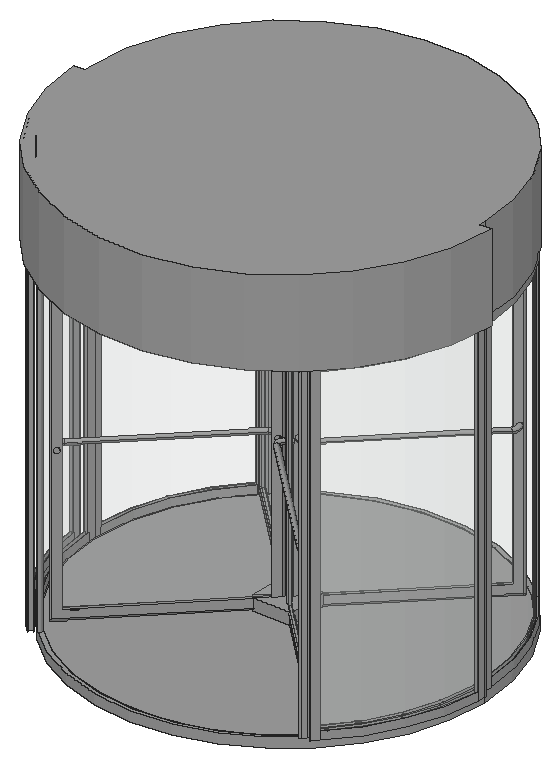
Revit family "agtatec_Record_RlvngDrsetSym_K41_Standalone", category Doors, Revit 2012 (continued)
Definition of nested family "Night Shutter Left"
  Forms (mm)
    Extrusion 5, solid, material "agtatec_Record_Revolving Door, Aluminium" <- "Panel Frames"
      sketch origin (0, 0, 0) x (0, -1, 0) y (1, 0, 0)
        loop
          line (1348.5, 0) -> (1352.5, 0) -> (1352.5, 20) -> (1349.5, 20) -> (1349.5, 3) -> (1321.5, 3) -> (1321.5, 20) -> (1318.5, 20) -> (1318.5, 0) -> (1322.5, 0) -> (1322.5, -53) -> (1325.5, -53) -> (1325.5, -33) -> (1345.5, -33) -> (1345.5, -53) -> (1348.5, -53) -> (1348.5, 0)
      from 10 to 2256
    Extrusion 6, solid, material "agtatec_Record_Revolving Door, Aluminium" <- "Panel Frames"
      sketch origin (0, 0, 0) x (-0.694658, -0.71934, 0) y (0.71934, -0.694658, 0)
        loop
          line (1348.5, 1) -> (1348.5, 53) -> (1345.5, 53) -> (1345.5, 33) -> (1325.5, 33) -> (1325.5, 53) -> (1322.5, 53) -> (1322.5, 1)
          arc (1322.5, 1) -> (1335.5, -12) -> (1348.5, 1) r 13
      from 10 to 2256
    Sweep 7, solid, material "agtatec_Record_Revolving Door, Aluminium" <- "Panel Frames"
      path origin (0, 0, 0) x (1, 0, 0) y (0, 1, 0)
        loop
          arc (-53, -1347.458) -> (-505.157, -1250.307) -> (-897.898, -1006.097) r 1348.5
      profile origin (-505.157, -1250.307, 0) x (-0.374607, -0.927184, 0) y (0, 0, 1)
        loop
          line (0, 10) -> (0, 63) -> (-3, 63) -> (-3, 43) -> (-23, 43) -> (-23, 63) -> (-26, 63) -> (-26, 10) -> (0, 10)
    Sweep 8, solid, material "agtatec_Record_Revolving Door, Aluminium" <- "Panel Frames"
      path origin (-2636.748, -4572, 2256) x (-1, 0, 0) y (0, -1, 0)
        loop
          arc (-2583.748, -3224.542) -> (-2131.591, -3321.693) -> (-1738.85, -3565.903) r 1348.5
      profile origin (-505.157, -1250.307, 2256) x (-0.374607, -0.927184, 0) y (0, 0, 1)
        loop
          line (0, 0) -> (-26, 0) -> (-26, -53) -> (-23, -53) -> (-23, -33) -> (-3, -33) -> (-3, -53) -> (0, -53) -> (0, 0)
    Sweep 9, solid, material "agtatec_Record_Revolving Door, Laminated Safety Glass (Clear)" <- "Night Shutter Panel Fill"
      path origin (0, 0, 0) x (1, 0, 0) y (0, 1, 0)
        loop
          arc (-33, -1348.096) -> (-505.157, -1250.307) -> (-912.728, -992.663) r 1348.5
      profile origin (-505.157, -1250.307, 0) x (-0.374607, -0.927184, 0) y (0, 0, 1)
        loop
          line (-5, 43) -> (-5, 2223) -> (-15, 2223) -> (-15, 43) -> (-5, 43)
  Lines and regions (mm)
    Masking region 1
      outline origin (0, 0, 0) x (1, 0, 0) y (0, 1, 0)
        loop
          line (-880.586, -986.699) -> (-897.898, -1006.097)
          arc (-897.898, -1006.097) -> (-505.157, -1250.307) -> (-53, -1347.458) r 1348.5
          line (-53, -1347.458) -> (-51.978, -1321.478)
          arc (-51.978, -1321.478) -> (-495.417, -1226.201) -> (-880.586, -986.699) r 1322.5
    Masking region 2
      outline origin (0, 0, 0) x (1, 0, 0) y (0, 1, 0)
        loop
          line (-880.561, -988.144) -> (-917.966, -952.022)
          arc (-917.966, -952.022) -> (-936.348, -952.342) -> (-936.027, -970.724) r 13
          line (-936.027, -970.724) -> (-898.622, -1006.847) -> (-880.561, -988.144)
    Masking region 3
      outline origin (0, 0, 0) x (1, 0, 0) y (0, 1, 0)
        loop
          line (-53, -1322.5) -> (-53, -1348.5) -> (0, -1348.5) -> (0, -1352.5) -> (20, -1352.5) -> (20, -1349.5) -> (3, -1349.5) -> (3, -1321.5) -> (20, -1321.5) -> (20, -1318.5) -> (0, -1318.5) -> (0, -1322.5) -> (-53, -1322.5)
    reference lines, not visible
      curve 1: arc (-1564.719, -2003.352, 0) -> (-975.899, -2347.208, 0) -> (-316.86, -2522.174, 0) r 2542
      curve 2: line (0, 0, 0) -> (-1564.719, -2003.352, 0)
      curve 3: line (0, 0, 0) -> (-316.86, -2522.174, 0)
    reference lines
      curve 4: arc (0, -1348.5, 0) -> (-505.157, -1250.307, 0) -> (-936.747, -970.03, 0) r 1348.5
      curve 5: line (0, 0, 0) -> (0, -1348.5, 0)
      curve 6: line (0, 0, 0) -> (-936.747, -970.03, 0)
    symbolic lines, detail levels medium+fine
      curve 7: line (-898.622, -1006.847, 0) -> (-880.561, -988.144, 0)
      curve 8: line (-53, -1322.5, 0) -> (-53, -1348.5, 0)
    symbolic lines, detail levels fine
      curve 9: arc (-53, -1342.454, 0) -> (-503.284, -1245.672, 0) -> (-894.422, -1002.498, 0) r 1343.5
      curve 10: arc (-53, -1332.446, 0) -> (-499.538, -1236.4, 0) -> (-887.47, -995.299, 0) r 1333.5
  Dimensions and locks
    "Passage Height": plane 4 "Top Plane" to plane 2
    "Canopy Height": plane 5 to plane 4 "Top Plane"
    locked: plane 6 to level at 10
    "Height of Floor Frame": level to plane 8
    locked: plane 7 to plane 4 "Top Plane" at 56
    radius of curve 1 = 2542.00 mm
    "Night Shutters Radius": radius of curve 4
    locked: curve 2 to curve 3 (angle 30.8311°)
    locked: curve 6 to curve 5 (angle 44.00°)
    aligned and locked: level to plane 2
    aligned and locked: Sweep 4 sketch curve to Sweep 3
    aligned and locked: Extrusion 2 to Sweep 4 sketch curve
    aligned and locked: Sweep 4 sketch curve to curve 1
    aligned and locked: Sweep 4 sketch curve to Extrusion 1
    aligned and locked: Sweep 3 sketch curve to curve 1
    aligned and locked: Extrusion 1 to Sweep 3 sketch curve
    aligned and locked: Extrusion 2 to Sweep 3 sketch curve
    aligned and locked: Extrusion 5 to plane 6
    aligned and locked: plane 7 to Extrusion 5
    aligned and locked: Sweep 7 sketch curve to curve 4
    aligned and locked: Extrusion 6 to Sweep 7 sketch curve
    aligned and locked: Extrusion 5 to Sweep 7 sketch curve
    aligned and locked: Sweep 7 to plane 6
    aligned and locked: Extrusion 6 to Sweep 7
    aligned and locked: plane 7 to Extrusion 6
    aligned and locked: Sweep 8 sketch curve to curve 4
    aligned and locked: Extrusion 6 to Sweep 8 sketch curve
    aligned and locked: Extrusion 5 to Sweep 8 sketch curve
    aligned and locked: Sweep 9 sketch curve to curve 4
    aligned and locked: Extrusion 5 to Sweep 9 sketch curve
    aligned and locked: Sweep 9 sketch curve to Extrusion 6
    aligned and locked: Sweep 7 to Sweep 9 sketch curve
    aligned and locked: Sweep 9 sketch curve to Sweep 8
    aligned and locked: Masking region 1 sketch curve to Sweep 7  (x4)
    aligned and locked: Masking region 2 sketch curve to Extrusion 6  (x3)
    aligned and locked: Masking region 3 sketch curve to Extrusion 5  (x12)
    aligned and locked: curve 7 to Extrusion 6  (x2)
    aligned and locked: Extrusion 6 to curve 7
    aligned and locked: Masking region 2 to Extrusion 6
    aligned and locked: curve 8 to Extrusion 5  (x2)
    aligned and locked: Extrusion 5 to curve 8
    aligned and locked: Masking region 3 to Extrusion 5
    aligned and locked: curve 9 to Sweep 9
    aligned and locked: curve 10 to Sweep 9
    aligned and locked: curve 7 to curve 9
    aligned and locked: curve 7 to curve 10
  Automatic sketch dimensions
    curve 2 to Extrusion 1 sketch curve = 0.00 mm
    curve 2 to Extrusion 1 sketch curve = 1.00 mm
    curve 2 to Extrusion 1 sketch curve = 53.00 mm
    Extrusion 1 sketch curve to curve 2 = 3.00 mm
    Extrusion 1 sketch curve to Extrusion 1 sketch curve = 13.00 mm
    Extrusion 1 sketch curve to Extrusion 1 sketch curve = 20.00 mm  (x2)
    curve 2 to Extrusion 1 sketch curve = 33.00 mm
    Extrusion 2 sketch curve to curve 3 = 0.00 mm
    Extrusion 2 sketch curve to curve 3 = 30.00 mm
    Extrusion 2 sketch curve to Extrusion 2 sketch curve = 3.00 mm  (x3)
    Extrusion 2 sketch curve to Extrusion 2 sketch curve = 1.00 mm
    Extrusion 2 sketch curve to curve 3 = 3.00 mm
    Extrusion 2 sketch curve to curve 3 = 0.001 mm
    curve 3 to Extrusion 2 sketch curve = 0.999 mm
    Extrusion 2 sketch curve to curve 3 = 20.00 mm
    curve 3 to Extrusion 2 sketch curve = 20.00 mm
    curve 3 to Extrusion 2 sketch curve = 33.00 mm  (x2)
    curve 3 to Extrusion 2 sketch curve = 36.00 mm
    Extrusion 2 sketch curve to Extrusion 2 sketch curve = 17.00 mm
    curve 3 to Extrusion 2 sketch curve = 53.00 mm
    Sweep 3 sketch curve to profile plane = 0.00 mm
    profile plane to Sweep 3 sketch curve = 3.00 mm
    Sweep 3 sketch curve to Sweep 3 sketch curve = 20.00 mm  (x3)
    Sweep 3 sketch curve to Sweep 3 sketch curve = 3.00 mm
    Sweep 4 sketch curve to profile plane = 11.00 mm
    Sweep 4 sketch curve to Sweep 4 sketch curve = 10.00 mm
    profile plane to Sweep 3 sketch curve = 10.00 mm
    profile plane to Sweep 3 sketch curve = 43.00 mm
    Sweep 4 sketch curve to Sweep 4 sketch curve = 2183.00 mm
    curve 5 to plane 3 "Center (Left/Right)" = 0.00 mm  (x2)
    plane 1 "Center (Front/Back)" to curve 6 = 0.00 mm
    plane 1 "Center (Front/Back)" to curve 4 = 0.00 mm
    curve 4 to plane 3 "Center (Left/Right)" = 0.00 mm
    Extrusion 5 sketch curve to curve 5 = 0.00 mm  (x3)
    Extrusion 5 sketch curve to curve 5 = 53.00 mm
    Extrusion 5 sketch curve to curve 5 = 3.00 mm  (x2)
    Extrusion 5 sketch curve to Extrusion 5 sketch curve = 20.00 mm  (x2)
    Extrusion 5 sketch curve to Extrusion 5 sketch curve = 26.00 mm
    Extrusion 5 sketch curve to Extrusion 5 sketch curve = 1.00 mm
    Extrusion 5 sketch curve to Extrusion 5 sketch curve = 4.00 mm
    curve 5 to Extrusion 5 sketch curve = 1.00 mm
    Extrusion 5 sketch curve to Extrusion 5 sketch curve = 3.00 mm
    Extrusion 5 sketch curve to Extrusion 5 sketch curve = 0.00 mm
    Extrusion 5 sketch curve to Extrusion 5 sketch curve = 17.00 mm
    curve 5 to Extrusion 5 sketch curve = 20.00 mm
    Extrusion 6 sketch curve to curve 6 = 1.00 mm
    curve 6 to Extrusion 6 sketch curve = 0.00 mm
    curve 6 to Extrusion 6 sketch curve = 53.00 mm
    Extrusion 6 sketch curve to Extrusion 6 sketch curve = 3.00 mm
    Extrusion 6 sketch curve to curve 6 = 3.00 mm
    curve 6 to Extrusion 6 sketch curve = 33.00 mm
    Extrusion 6 sketch curve to Extrusion 6 sketch curve = 20.00 mm
    Extrusion 6 sketch curve to Extrusion 6 sketch curve = 13.00 mm
    level to Sweep 7 sketch curve = 10.00 mm
    Sweep 7 sketch curve to profile plane = 0.00 mm
    profile plane to Sweep 7 sketch curve = 3.00 mm
    Sweep 7 sketch curve to Sweep 7 sketch curve = 20.00 mm  (x3)
    Sweep 7 sketch curve to Sweep 7 sketch curve = 3.00 mm
    level to Sweep 7 sketch curve = 43.00 mm
    plane 7 to Sweep 8 sketch curve = 0.00 mm
    Sweep 8 sketch curve to profile plane = 0.00 mm
    profile plane to Sweep 8 sketch curve = 3.00 mm
    Sweep 8 sketch curve to Sweep 8 sketch curve = 20.00 mm  (x2)
    Sweep 8 sketch curve to Sweep 8 sketch curve = 3.00 mm
    Sweep 8 sketch curve to plane 7 = 33.00 mm
    Sweep 8 sketch curve to Sweep 8 sketch curve = 0.00 mm
    profile plane to Sweep 9 sketch curve = 5.00 mm
    Sweep 9 sketch curve to Sweep 9 sketch curve = 10.00 mm
    Masking region 2 sketch curve to Masking region 2 sketch curve = 37.406 mm
    Masking region 2 sketch curve to Masking region 2 sketch curve = 9.031 mm
    curve 6 to curve 7 = 0.00 mm
    curve 6 to curve 7 = 53.00 mm
    curve 7 to curve 6 = 26.00 mm
    curve 8 to curve 5 = 0.00 mm
    curve 8 to curve 5 = 53.00 mm
    curve 8 to curve 5 = 26.00 mm
    curve 9 to plane 3 "Center (Left/Right)" = 53.00 mm
    curve 10 to curve 9 = 0.00 mm
Definition of nested family "Night Shutter Right"
  Parameters (values of type "Night Shutter Right")
    Width = 3077.00 mm
    URL = ""
    Rough Width = 3058.00 mm
    Rough Height = Passage Height + Canopy Height  # 2770.00 mm
    Rotation Angle = 10.00°
    Passage Width = 1399.00 mm
    Passage Height = 2200.00 mm
    Panel Frames = agtatec_Record_Revolving Door, Aluminium
    Outer Radius = Inner Radius + 26.00 mm  # 1526.00 mm
    Operation = ""
    Night Shutters Radius = Outer Radius + 51.50 mm  # 1577.50 mm
    Night Shutter Panel Fill = agtatec_Record_Revolving Door, Laminated Safety Glass (Clear)
    Model = ""
    Manufacturer = ""
    Inner Radius = 1500.00 mm
    Height of Floor Frame = 65.00 mm
    Height = Passage Height + Canopy Height + 25.00 mm  # 2795.00 mm
    Function = 1
    Description = ""
    Cost = 0
    Construction Type = "Automatic Revolving Door"
    Canopy Radius = Outer Radius + 3.00 mm  # 1529.00 mm
    Canopy Height = 570.00 mm
    Assembly Code = ""
  Reference planes
    plane 1 "Center (Front/Back)": y = 0
    plane 2: z = 0
    plane 3 "Center (Left/Right)": x = 0
    plane 4 "Top Plane": z = 2200
    plane 5: z = 2770
    plane 6: z = 10
    plane 7: z = 2256
    plane 8: z = -65
  Forms (mm)
    Extrusion 1, solid, material "agtatec_Record_Revolving Door, Aluminium" <- "Panel Frames", not visible
      sketch origin (16.004, 20.491, 0) x (-0.615546, -0.788101, 0) y (0.788101, -0.615546, 0)
        loop
          line (2568, 1) -> (2568, 53) -> (2565, 53) -> (2565, 33) -> (2545, 33) -> (2545, 53) -> (2542, 53) -> (2542, 1)
          arc (2542, 1) -> (2555, -12) -> (2568, 1) r 13
      from 10 to 2256
    Extrusion 2, solid, material "agtatec_Record_Revolving Door, Aluminium" <- "Panel Frames", not visible
      sketch origin (3.241, 25.797, 0) x (-0.12465, -0.992201, 0) y (0.992201, -0.12465, 0)
        loop
          line (2545, 0) -> (2565, 0) -> (2565, -20) -> (2567.999, -20) -> (2567.999, 33) -> (2571.999, 33) -> (2571.999, 53) -> (2568.999, 53) -> (2568.999, 36) -> (2541, 36) -> (2541, 53) -> (2538, 53) -> (2538, 33) -> (2542, 33) -> (2542, -20) -> (2545, -20) -> (2545, 0)
      from 10 to 2256
    Sweep 3, solid, material "agtatec_Record_Revolving Door, Aluminium" <- "Panel Frames", not visible
      path origin (0, 0, 0) x (0.920505, 0.390731, 0) y (-0.390731, 0.920505, 0)
        loop
          arc (-1294.416, -2187.75) -> (-1803.858, -1791.05) -> (-2196.918, -1278.794) r 2542
      profile origin (-960.642, -2353.494, 0) x (-0.377908, -0.925843, 0) y (0, 0, 1)
        loop
          line (0, 10) -> (0, 63) -> (-3, 63) -> (-3, 43) -> (-23, 43) -> (-23, 63) -> (-26, 63) -> (-26, 10) -> (0, 10)
    Sweep 4, solid, material "agtatec_Record_Revolving Door, Laminated Safety Glass (Clear)", not visible
      path origin (0, 0, 0) x (0.920505, 0.390731, 0) y (-0.390731, 0.920505, 0)
        loop
          arc (-2206.913, -1261.467) -> (-1803.859, -1791.049) -> (-1277.163, -2197.867) r 2542
      profile origin (-960.643, -2353.493, 0) x (0.377908, 0.925843, 0) y (0, 0, 1)
        loop
          line (21, 43) -> (21, 2226) -> (11, 2226) -> (11, 43) -> (21, 43)
    Extrusion 5, solid, material "agtatec_Record_Revolving Door, Aluminium" <- "Panel Frames"
      sketch origin (0, 0, 0) x (0, -1, 0) y (1, 0, 0)
        loop
          line (1577.5, -3) -> (1576.5, -3) -> (1576.5, 0) -> (1552.5, 0) -> (1552.5, -3) -> (1551.5, -3) -> (1551.5, -53) -> (1554.5, -53) -> (1554.5, -33) -> (1574.5, -33) -> (1574.5, -53) -> (1577.5, -53) -> (1577.5, -3)
      from 10 to 2256
    Extrusion 6, solid, material "agtatec_Record_Revolving Door, Aluminium" <- "Panel Frames"
      sketch origin (0, 0, 0) x (-0.694658, -0.71934, 0) y (0.71934, -0.694658, 0)
        loop
          line (1577.5, 1) -> (1577.5, 53) -> (1574.5, 53) -> (1574.5, 33) -> (1554.5, 33) -> (1554.5, 53) -> (1551.5, 53) -> (1551.5, 1)
          arc (1551.5, 1) -> (1564.5, -12) -> (1577.5, 1) r 13
      from 10 to 2256
    Sweep 7, solid, material "agtatec_Record_Revolving Door, Aluminium" <- "Panel Frames"
      path origin (0, 0, 0) x (1, 0, 0) y (0, 1, 0)
        loop
          arc (-53, -1576.609) -> (-590.942, -1462.633) -> (-1057.08, -1170.935) r 1577.5
      profile origin (-590.942, -1462.633, 0) x (-0.374607, -0.927184, 0) y (0, 0, 1)
        loop
          line (0, 10) -> (0, 63) -> (-3, 63) -> (-3, 43) -> (-23, 43) -> (-23, 63) -> (-26, 63) -> (-26, 10) -> (0, 10)
    Sweep 8, solid, material "agtatec_Record_Revolving Door, Aluminium" <- "Panel Frames"
      path origin (-2636.748, -4572, 2256) x (-1, 0, 0) y (0, -1, 0)
        loop
          arc (-2583.748, -2995.391) -> (-2045.806, -3109.367) -> (-1579.668, -3401.065) r 1577.5
      profile origin (-590.942, -1462.633, 2256) x (-0.374607, -0.927184, 0) y (0, 0, 1)
        loop
          line (0, 0) -> (-26, 0) -> (-26, -53) -> (-23, -53) -> (-23, -33) -> (-3, -33) -> (-3, -53) -> (0, -53) -> (0, 0)
    Sweep 9, solid, material "agtatec_Record_Revolving Door, Laminated Safety Glass (Clear)" <- "Night Shutter Panel Fill"
      path origin (0, 0, 0) x (1, 0, 0) y (0, 1, 0)
        loop
          arc (-33, -1577.155) -> (-590.942, -1462.633) -> (-1071.846, -1157.434) r 1577.5
      profile origin (-590.942, -1462.633, 0) x (-0.374607, -0.927184, 0) y (0, 0, 1)
        loop
          line (-5, 43) -> (-5, 2223) -> (-15, 2223) -> (-15, 43) -> (-5, 43)
  Lines and regions (mm)
    Masking region 1
      outline origin (0, 0, 0) x (1, 0, 0) y (0, 1, 0)
        loop
          line (-53, -1576.609) -> (-52.126, -1550.624)
          arc (-52.126, -1550.624) -> (-581.202, -1438.526) -> (-1039.657, -1151.636) r 1551.5
          line (-1039.657, -1151.636) -> (-1057.08, -1170.935)
          arc (-1057.08, -1170.935) -> (-590.942, -1462.633) -> (-53, -1576.609) r 1577.5
    Masking region 2
      outline origin (0, 0, 0) x (1, 0, 0) y (0, 1, 0)
        loop
          line (-53, -1577.5) -> (0, -1577.5) -> (0, -1551.5) -> (-53, -1551.5) -> (-53, -1577.5)
    Masking region 3
      outline origin (0, 0, 0) x (1, 0, 0) y (0, 1, 0)
        loop
          line (-1095.104, -1135.453) -> (-1057.699, -1171.575) -> (-1039.637, -1152.873) -> (-1077.043, -1116.75)
          arc (-1077.043, -1116.75) -> (-1095.425, -1117.071) -> (-1095.104, -1135.453) r 13
    reference lines, not visible
      curve 1: arc (-1564.719, -2003.352, 0) -> (-975.899, -2347.208, 0) -> (-316.86, -2522.174, 0) r 2542
      curve 2: line (0, 0, 0) -> (-1564.719, -2003.352, 0)
      curve 3: line (0, 0, 0) -> (-316.86, -2522.174, 0)
    reference lines
      curve 4: arc (0, -1577.5, 0) -> (-590.942, -1462.633, 0) -> (-1095.824, -1134.759, 0) r 1577.5
      curve 5: line (0, 0, 0) -> (0, -1577.5, 0)
      curve 6: line (0, 0, 0) -> (-1095.824, -1134.759, 0)
    symbolic lines, detail levels medium+fine
      curve 7: line (-1057.699, -1171.575, 0) -> (-1039.637, -1152.873, 0)
      curve 8: line (-53, -1551.5, 0) -> (-53, -1577.5, 0)
    symbolic lines, detail levels fine
      curve 9: arc (-53, -1571.607, 0) -> (-589.069, -1457.997, 0) -> (-1053.605, -1167.336, 0) r 1572.5
      curve 10: arc (-53, -1561.601, 0) -> (-585.323, -1448.725, 0) -> (-1046.654, -1160.139, 0) r 1562.5
  Dimensions and locks
    "Passage Height": plane 4 "Top Plane" to plane 2
    "Canopy Height": plane 5 to plane 4 "Top Plane"
    locked: plane 6 to level at 10
    "Height of Floor Frame": level to plane 8
    locked: plane 7 to plane 4 "Top Plane" at 56
    radius of curve 1 = 2542.00 mm
    "Night Shutters Radius": radius of curve 4
    locked: curve 2 to curve 3 (angle 30.8311°)
    locked: curve 6 to curve 5 (angle 44.00°)
    aligned and locked: level to plane 2
    aligned and locked: Sweep 4 sketch curve to Sweep 3
    aligned and locked: Extrusion 2 to Sweep 4 sketch curve
    aligned and locked: Sweep 4 sketch curve to curve 1
    aligned and locked: Sweep 4 sketch curve to Extrusion 1
    aligned and locked: Sweep 3 sketch curve to curve 1
    aligned and locked: Extrusion 1 to Sweep 3 sketch curve
    aligned and locked: Extrusion 2 to Sweep 3 sketch curve
    aligned and locked: Extrusion 5 to plane 6
    aligned and locked: plane 7 to Extrusion 5
    aligned and locked: Sweep 7 sketch curve to curve 4
    aligned and locked: Extrusion 6 to Sweep 7 sketch curve
    aligned and locked: Extrusion 5 to Sweep 7 sketch curve
    aligned and locked: Sweep 7 to plane 6
    aligned and locked: Extrusion 6 to Sweep 7
    aligned and locked: plane 7 to Extrusion 6
    aligned and locked: Sweep 8 sketch curve to curve 4
    aligned and locked: Extrusion 6 to Sweep 8 sketch curve
    aligned and locked: Extrusion 5 to Sweep 8 sketch curve
    aligned and locked: Sweep 9 sketch curve to curve 4
    aligned and locked: Extrusion 5 to Sweep 9 sketch curve
    aligned and locked: Sweep 9 sketch curve to Extrusion 6
    aligned and locked: Sweep 7 to Sweep 9 sketch curve
    aligned and locked: Sweep 9 sketch curve to Sweep 8
    aligned and locked: Masking region 1 sketch curve to Sweep 7  (x4)
    aligned and locked: Masking region 2 sketch curve to Extrusion 5  (x4)
    aligned and locked: Masking region 3 sketch curve to Extrusion 6  (x3)
    aligned and locked: curve 7 to Masking region 3
    aligned and locked: Extrusion 6 to curve 7
    aligned and locked: curve 7 to Extrusion 6  (x2)
    aligned and locked: curve 8 to Masking region 2
    aligned and locked: Extrusion 5 to curve 8
    aligned and locked: curve 8 to Extrusion 5  (x2)
    aligned and locked: curve 9 to Sweep 9
    aligned and locked: curve 10 to Sweep 9
  Automatic sketch dimensions
    curve 2 to Extrusion 1 sketch curve = 0.00 mm
    curve 2 to Extrusion 1 sketch curve = 1.00 mm
    curve 2 to Extrusion 1 sketch curve = 53.00 mm
    Extrusion 1 sketch curve to curve 2 = 3.00 mm
    Extrusion 1 sketch curve to Extrusion 1 sketch curve = 13.00 mm
    Extrusion 1 sketch curve to Extrusion 1 sketch curve = 20.00 mm  (x2)
    curve 2 to Extrusion 1 sketch curve = 33.00 mm
    Extrusion 2 sketch curve to curve 3 = 0.00 mm
    Extrusion 2 sketch curve to curve 3 = 30.00 mm
    Extrusion 2 sketch curve to Extrusion 2 sketch curve = 3.00 mm  (x3)
    Extrusion 2 sketch curve to Extrusion 2 sketch curve = 1.00 mm
    Extrusion 2 sketch curve to curve 3 = 3.00 mm
    Extrusion 2 sketch curve to curve 3 = 0.001 mm
    curve 3 to Extrusion 2 sketch curve = 0.999 mm
    Extrusion 2 sketch curve to curve 3 = 20.00 mm
    curve 3 to Extrusion 2 sketch curve = 20.00 mm
    curve 3 to Extrusion 2 sketch curve = 33.00 mm  (x2)
    curve 3 to Extrusion 2 sketch curve = 36.00 mm
    Extrusion 2 sketch curve to Extrusion 2 sketch curve = 17.00 mm
    curve 3 to Extrusion 2 sketch curve = 53.00 mm
    Sweep 3 sketch curve to profile plane = 0.00 mm
    profile plane to Sweep 3 sketch curve = 3.00 mm
    Sweep 3 sketch curve to Sweep 3 sketch curve = 20.00 mm  (x3)
    Sweep 3 sketch curve to Sweep 3 sketch curve = 3.00 mm
    Sweep 4 sketch curve to profile plane = 11.00 mm
    Sweep 4 sketch curve to Sweep 4 sketch curve = 10.00 mm
    profile plane to Sweep 3 sketch curve = 10.00 mm
    profile plane to Sweep 3 sketch curve = 43.00 mm
    Sweep 4 sketch curve to Sweep 4 sketch curve = 2183.00 mm
    curve 5 to plane 3 "Center (Left/Right)" = 0.00 mm  (x2)
    plane 1 "Center (Front/Back)" to curve 6 = 0.00 mm
    plane 1 "Center (Front/Back)" to curve 4 = 0.00 mm
    curve 4 to plane 3 "Center (Left/Right)" = 0.00 mm
    Extrusion 6 sketch curve to curve 6 = 1.00 mm
    curve 6 to Extrusion 6 sketch curve = 0.00 mm
    curve 6 to Extrusion 6 sketch curve = 53.00 mm
    Extrusion 6 sketch curve to Extrusion 6 sketch curve = 3.00 mm
    Extrusion 6 sketch curve to curve 6 = 3.00 mm
    curve 6 to Extrusion 6 sketch curve = 33.00 mm
    Extrusion 6 sketch curve to Extrusion 6 sketch curve = 20.00 mm
    Extrusion 6 sketch curve to Extrusion 6 sketch curve = 13.00 mm
    level to Sweep 7 sketch curve = 10.00 mm
    Sweep 7 sketch curve to profile plane = 0.00 mm
    profile plane to Sweep 7 sketch curve = 3.00 mm
    Sweep 7 sketch curve to Sweep 7 sketch curve = 20.00 mm  (x3)
    Sweep 7 sketch curve to Sweep 7 sketch curve = 3.00 mm
    level to Sweep 7 sketch curve = 43.00 mm
    plane 7 to Sweep 8 sketch curve = 0.00 mm
    Sweep 8 sketch curve to profile plane = 0.00 mm
    profile plane to Sweep 8 sketch curve = 3.00 mm
    Sweep 8 sketch curve to Sweep 8 sketch curve = 20.00 mm  (x2)
    Sweep 8 sketch curve to Sweep 8 sketch curve = 3.00 mm
    Sweep 8 sketch curve to plane 7 = 33.00 mm
    Sweep 8 sketch curve to Sweep 8 sketch curve = 0.00 mm
    profile plane to Sweep 9 sketch curve = 5.00 mm
    Sweep 9 sketch curve to Sweep 9 sketch curve = 10.00 mm
    Extrusion 5 sketch curve to curve 5 = 0.00 mm  (x2)
    Extrusion 5 sketch curve to curve 5 = 53.00 mm
    Extrusion 5 sketch curve to curve 5 = 3.00 mm
    Extrusion 5 sketch curve to curve 5 = 1.00 mm
    Extrusion 5 sketch curve to Extrusion 5 sketch curve = 3.00 mm  (x2)
    Extrusion 5 sketch curve to Extrusion 5 sketch curve = 20.00 mm  (x2)
    Extrusion 5 sketch curve to Extrusion 5 sketch curve = 24.00 mm
    Extrusion 5 sketch curve to Extrusion 5 sketch curve = 0.00 mm
    curve 5 to Extrusion 5 sketch curve = 3.00 mm
    Masking region 3 sketch curve to Masking region 3 sketch curve = 9.031 mm
    Masking region 3 sketch curve to Masking region 3 sketch curve = 36.122 mm
Types (3, lengths in mm): name | SecurityRating | GlazingAreaFraction | FireRating | AcousticRating
  (no name) | "n/a" | "n/a" | "n/a" | "n/a"
  Default | "" | "" | "" | ""
  default | "n/a" | "n/a" | "n/a" | "n/a"
